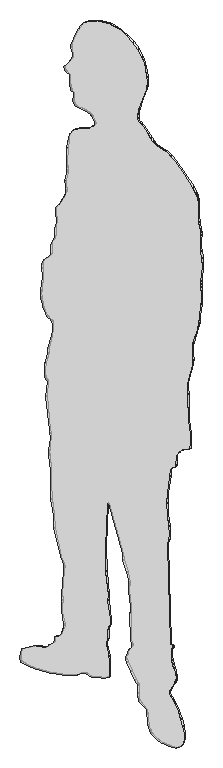
Revit family "Flat Man 22", category Entourage, Revit 2015
Parameters
  Flat Material [instance] = none
  Height = 0 mm
Reference planes
  plane 1 "Center (Front/Back)": y = 0
  plane 2: z = 0
  plane 3 "Center (Left/Right)": x = 0
Forms (mm)
  Extrusion 1, solid, material <- "Flat Material"
    sketch origin (0, 0, 0) x (1, 0, 0) y (0, 0, 1)
      loop
        line (191.841, 219.015) -> (190.855, 220.508) -> (189.344, 221.524) -> (185.786, 222.196) -> (177.334, 472.332) -> (180.715, 484.164) -> (181.87, 500.901) -> (181.098, 518.814) -> (177.334, 548.388) -> (174.93, 575.237) -> (176.015, 601.295) -> (184.095, 646.414) -> (185.786, 665.003) -> (186.441, 666.085) -> (187.227, 667.098) -> (189.11, 668.961) -> (193.584, 672.343) -> (197.961, 675.858) -> (198.894, 676.841) -> (199.724, 677.887) -> (200.431, 679.008) -> (200.995, 680.215) -> (202.687, 703.875) -> (205.426, 710.347) -> (207.069, 713.126) -> (208.881, 715.641) -> (212.966, 719.995) -> (217.596, 723.648) -> (239.868, 735.988) -> (241.524, 754.297) -> (241.04, 774.526) -> (236.487, 808.664) -> (234.796, 872.886) -> (232.926, 884.71) -> (232.404, 892.728) -> (232.558, 896.535) -> (233.107, 899.93) -> (246.631, 950.631) -> (247.994, 957.873) -> (248.452, 965.157) -> (247.801, 979.613) -> (246.987, 993.521) -> (247.239, 1000.12) -> (248.316, 1006.404) -> (261.84, 1046.968) -> (265.407, 1063.836) -> (267.338, 1080.533) -> (271.98, 1114.569) -> (273.16, 1121.931) -> (273.496, 1129.246) -> (272.649, 1143.73) -> (271.468, 1157.999) -> (271.385, 1165.047) -> (271.98, 1172.034) -> (274.841, 1211.27) -> (274.258, 1231.131) -> (271.98, 1248.087) -> (270.816, 1255.426) -> (270.379, 1262.705) -> (270.776, 1276.872) -> (271.353, 1290.168) -> (271.141, 1296.358) -> (270.292, 1302.172) -> (266.049, 1321.659) -> (264.218, 1332.316) -> (263.528, 1341.045) -> (264.146, 1360.426) -> (263.707, 1371.744) -> (262.995, 1376.976) -> (261.84, 1381.605) -> (259.955, 1385.975) -> (257.037, 1390.992) -> (248.6, 1402.522) -> (224.798, 1428.397) -> (198.391, 1452.003) -> (186.696, 1460.696) -> (181.662, 1463.869) -> (177.334, 1466.111) -> (172.875, 1467.779) -> (168.367, 1468.988) -> (159.318, 1470.717) -> (150.404, 1472.679) -> (146.066, 1474.178) -> (141.842, 1476.254) -> (138.545, 1478.394) -> (135.493, 1480.784) -> (129.956, 1486.146) -> (119.938, 1498.011) -> (114.771, 1503.836) -> (109.041, 1509.138) -> (105.858, 1511.486) -> (102.404, 1513.577) -> (98.639, 1515.367) -> (94.518, 1516.815) -> (93.349, 1524.818) -> (93.248, 1532.66) -> (94.061, 1540.363) -> (95.636, 1547.945) -> (106.484, 1577.469) -> (117.264, 1606.666) -> (118.801, 1614.064) -> (119.568, 1621.541) -> (119.413, 1629.117) -> (118.181, 1636.813) -> (113.878, 1660.755) -> (111.418, 1668.925) -> (108.165, 1676.212) -> (103.921, 1683.517) -> (92.742, 1697.778) -> (78.44, 1710.908) -> (61.572, 1722.101) -> (42.695, 1730.556) -> (32.678, 1733.505) -> (22.368, 1735.469) -> (11.835, 1736.347) -> (1.149, 1736.038) -> (-9.621, 1734.442) -> (-20.405, 1731.458) -> (-39.355, 1724.091) -> (-49.195, 1719.446) -> (-57.589, 1714.558) -> (-60.186, 1712.473) -> (-62.909, 1709.693) -> (-68.604, 1702.388) -> (-80.106, 1683.168) -> (-90.068, 1662.32) -> (-96.462, 1645.265) -> (-96.943, 1643.185) -> (-97.184, 1641.1) -> (-97.075, 1636.942) -> (-95.37, 1628.837) -> (-93.366, 1621.34) -> (-92.883, 1617.941) -> (-92.881, 1616.351) -> (-93.082, 1614.841) -> (-93.626, 1612.887) -> (-94.431, 1610.836) -> (-96.707, 1606.517) -> (-103.107, 1597.56) -> (-116.746, 1582.728) -> (-116.08, 1578.773) -> (-115.074, 1575.64) -> (-114.441, 1574.335) -> (-113.721, 1573.181) -> (-112.912, 1572.158) -> (-112.015, 1571.248) -> (-111.027, 1570.433) -> (-109.949, 1569.694) -> (-107.517, 1568.371) -> (-101.53, 1565.828) -> (-101.701, 1546.514) -> (-101.071, 1541.807) -> (-100.033, 1537.233) -> (-98.52, 1532.832) -> (-96.264, 1528.246) -> (-95.003, 1527.111) -> (-92.894, 1525.517) -> (-89.908, 1522.97) -> (-89.346, 1520.025) -> (-89.224, 1518.291) -> (-89.292, 1516.669) -> (-89.507, 1515.142) -> (-90.987, 1509.656) -> (-91.499, 1507.054) -> (-91.547, 1505.73) -> (-91.401, 1504.369) -> (-91.017, 1502.955) -> (-90.352, 1501.47) -> (-89.364, 1499.898) -> (-88.01, 1498.223) -> (-87.333, 1496.976) -> (-86.588, 1495.871) -> (-85.78, 1494.9) -> (-84.91, 1494.054) -> (-83.984, 1493.325) -> (-83.003, 1492.706) -> (-81.971, 1492.187) -> (-80.891, 1491.761) -> (-78.602, 1491.155) -> (-76.16, 1490.821) -> (-70.927, 1490.71) -> (-59.786, 1490.88) -> (-57.012, 1490.622) -> (-54.296, 1490.114) -> (-51.662, 1489.289) -> (-49.137, 1488.083) -> (-46.118, 1487.826) -> (-43.559, 1487.345) -> (-41.413, 1486.656) -> (-39.63, 1485.775) -> (-38.162, 1484.718) -> (-36.96, 1483.502) -> (-35.976, 1482.142) -> (-35.16, 1480.654) -> (-32.608, 1473.755) -> (-31.077, 1469.961) -> (-28.857, 1466.111) -> (-29.713, 1464.302) -> (-30.818, 1462.595) -> (-32.157, 1460.98) -> (-33.712, 1459.449) -> (-37.412, 1456.6) -> (-41.793, 1453.976) -> (-63.596, 1444.283) -> (-75.301, 1438.907) -> (-86.198, 1432.406) -> (-91.028, 1428.553) -> (-95.277, 1424.202) -> (-98.82, 1419.281) -> (-100.287, 1416.584) -> (-101.53, 1413.718) -> (-104.04, 1405.469) -> (-105.85, 1396.214) -> (-107.94, 1376.098) -> (-109.982, 1339.353) -> (-110.021, 1338.389) -> (-109.971, 1337.285) -> (-109.66, 1334.719) -> (-108.626, 1328.582) -> (-107.847, 1321.915) -> (-107.857, 1318.689) -> (-108.294, 1315.696) -> (-113.362, 1292.032) -> (-113.367, 1289.239) -> (-113.007, 1286.001) -> (-111.799, 1278.624) -> (-110.95, 1270.767) -> (-111.04, 1266.93) -> (-111.279, 1265.082) -> (-111.674, 1263.3) -> (-114.427, 1256.488) -> (-119.272, 1246.522) -> (-128.574, 1229.499) -> (-129.799, 1227.859) -> (-131.372, 1226.087) -> (-135.014, 1222.263) -> (-138.394, 1218.253) -> (-139.64, 1216.25) -> (-140.092, 1215.262) -> (-140.406, 1214.287) -> (-140.769, 1212.389) -> (-140.965, 1210.365) -> (-140.947, 1206.005) -> (-139.894, 1196.555) -> (-138.674, 1187.098) -> (-138.448, 1182.729) -> (-138.714, 1178.794) -> (-140.517, 1171.634) -> (-141.527, 1167.521) -> (-142.094, 1163.582) -> (-142.094, 1141.613) -> (-143.174, 1138.867) -> (-144.601, 1136.031) -> (-148.032, 1130.146) -> (-151.452, 1124.08) -> (-152.866, 1121.015) -> (-153.926, 1117.95) -> (-153.926, 1092.601) -> (-154.929, 1090.491) -> (-156.133, 1088.531) -> (-159.028, 1084.971) -> (-165.936, 1078.634) -> (-172.754, 1072.098) -> (-175.537, 1068.288) -> (-176.668, 1066.166) -> (-178.264, 1062.174) -> (-178.501, 1061.278) -> (-178.886, 1057.617) -> (-178.603, 1048.169) -> (-177.587, 1028.376) -> (-181.99, 990.351) -> (-182.535, 980.963) -> (-182.202, 972.16) -> (-181.603, 968.063) -> (-180.662, 964.213) -> (-179.337, 960.645) -> (-177.587, 957.391) -> (-177.388, 954.448) -> (-176.88, 951.543) -> (-176.088, 948.691) -> (-175.035, 945.908) -> (-172.238, 940.61) -> (-168.678, 935.776) -> (-164.541, 931.532) -> (-160.015, 928.002) -> (-155.288, 925.313) -> (-152.907, 924.323) -> (-150.546, 923.59) -> (-149.831, 913.06) -> (-150.034, 903.344) -> (-152.613, 885.552) -> (-162.378, 850.917) -> (-162.378, 837.397) -> (-170.288, 809.071) -> (-172.592, 790.739) -> (-172.357, 782.247) -> (-171.771, 778.385) -> (-170.685, 774.331) -> (-169.513, 772.791) -> (-167.442, 770.637) -> (-165.372, 768.483) -> (-164.04, 766.722) -> (-167.447, 727.539) -> (-157.306, 644.722) -> (-155.889, 636.412) -> (-155.668, 627.768) -> (-157.353, 610.186) -> (-159.438, 593.394) -> (-159.716, 585.737) -> (-159.505, 582.171) -> (-158.998, 578.809) -> (-155.047, 544.061) -> (-154.366, 507.383) -> (-153.042, 469.659) -> (-147.163, 431.771) -> (-145.474, 399.658) -> (-126.882, 333.745) -> (-121.395, 322.92) -> (-118.606, 317.238) -> (-117.515, 314.459) -> (-116.746, 311.773) -> (-118.434, 301.633) -> (-123.506, 239.1) -> (-121.814, 225.58) -> (-123.728, 209.677) -> (-123.2, 195.68) -> (-120.711, 182.267) -> (-116.304, 166.541) -> (-116.874, 162.266) -> (-119.591, 152.688) -> (-123.419, 142.796) -> (-125.289, 138.798) -> (-126.882, 136.002) -> (-127.584, 135.077) -> (-128.359, 134.244) -> (-130.095, 132.808) -> (-134.069, 130.538) -> (-138.253, 128.465) -> (-140.251, 127.275) -> (-142.094, 125.862) -> (-142.837, 125.101) -> (-143.402, 124.313) -> (-143.813, 123.5) -> (-144.092, 122.661) -> (-144.262, 121.796) -> (-144.346, 120.906) -> (-144.347, 119.051) -> (-144.321, 115.044) -> (-144.659, 112.894) -> (-144.996, 111.784) -> (-145.474, 110.65) -> (-160.687, 98.822) -> (-162.378, 93.75) -> (-164.365, 92.44) -> (-166.486, 91.303) -> (-171.067, 89.462) -> (-181.129, 86.942) -> (-191.534, 84.867) -> (-196.542, 83.584) -> (-201.247, 81.918) -> (-236.74, 61.637) -> (-240.124, 48.605) -> (-241.503, 42.239) -> (-241.831, 39.751) -> (-241.87, 38.763) -> (-241.812, 37.977) -> (-241.083, 34.633) -> (-240.297, 32.569) -> (-238.432, 27.837) -> (-218.02, 24.523) -> (-197.815, 23.42) -> (-158.534, 26.644) -> (-121.596, 35.112) -> (-88.01, 46.425) -> (-84.156, 48.183) -> (-80.21, 50.448) -> (-72.134, 55.687) -> (-63.968, 60.522) -> (-59.911, 62.28) -> (-57.898, 62.906) -> (-55.901, 63.329) -> (-54.861, 63.413) -> (-53.815, 63.351) -> (-51.683, 62.883) -> (-47.116, 61.204) -> (-44.599, 60.356) -> (-41.871, 59.743) -> (-40.415, 59.581) -> (-38.892, 59.547) -> (-37.295, 59.662) -> (-35.62, 59.949) -> (-10.213, 67.023) -> (1.219, 71.538) -> (11.704, 76.85) -> (11.674, 105.736) -> (11.716, 121.423) -> (11.166, 128.942) -> (10.012, 136.002) -> (5.91, 149.353) -> (3.891, 156.385) -> (3.335, 159.236) -> (3.227, 160.4) -> (3.262, 161.719) -> (4.067, 163.49) -> (5.677, 166.42) -> (7.342, 169.352) -> (8.324, 171.276) -> (8.324, 196.847) -> (9.306, 199.63) -> (10.606, 202.48) -> (13.442, 208.587) -> (14.624, 211.948) -> (15.41, 215.584) -> (15.623, 219.547) -> (15.458, 221.667) -> (15.084, 223.888) -> (8.324, 271.209) -> (10.012, 283.041) -> (2.276, 341.383) -> (0.689, 400.711) -> (6.632, 516.276) -> (10.012, 516.276) -> (48.885, 403.039) -> (50.577, 387.826) -> (62.24, 360.29) -> (66.79, 345.327) -> (67.757, 338.364) -> (67.791, 335.114) -> (67.477, 332.057) -> (66.651, 323.126) -> (66.854, 313.667) -> (69.001, 294.136) -> (71.232, 275.396) -> (71.538, 266.927) -> (70.857, 259.38) -> (72.549, 191.775) -> (74.428, 185.923) -> (75.532, 182.208) -> (75.99, 180.226) -> (75.687, 178.823) -> (75.321, 177.734) -> (74.275, 175.641) -> (71.369, 171.748) -> (68.207, 168.151) -> (66.841, 166.427) -> (65.785, 164.735) -> (64.495, 161.844) -> (63.545, 159.06) -> (62.121, 153.803) -> (61.373, 151.324) -> (60.417, 148.941) -> (59.118, 146.652) -> (57.337, 144.454) -> (57.494, 143.49) -> (57.804, 142.334) -> (58.848, 139.503) -> (62.373, 132.14) -> (73.108, 113.607) -> (84.83, 95.708) -> (89.589, 89.14) -> (92.829, 85.301) -> (92.452, 63.943) -> (93.359, 53.966) -> (94.484, 49.799) -> (95.265, 48.002) -> (96.209, 46.425) -> (114.801, 32.905) -> (116.351, 29.666) -> (117.528, 26.369) -> (118.992, 19.645) -> (119.946, 6.002) -> (121.286, -7.288) -> (122.105, -10.469) -> (123.232, -13.57) -> (124.723, -16.58) -> (126.633, -19.488) -> (128.303, -21.787) -> (130.219, -23.958) -> (134.722, -27.906) -> (140.011, -31.318) -> (145.952, -34.183) -> (152.411, -36.487) -> (159.256, -38.217) -> (173.568, -39.907) -> (180.769, -39.841) -> (187.823, -39.15) -> (194.596, -37.822) -> (200.955, -35.844) -> (206.767, -33.203) -> (211.899, -29.886) -> (214.167, -27.971) -> (216.216, -25.882) -> (218.028, -23.617) -> (219.587, -21.176) -> (221.143, -18.041) -> (222.389, -14.728) -> (224.009, -7.63) -> (224.553, 0) -> (224.128, 8.044) -> (220.799, 24.899) -> (214.879, 41.988) -> (207.224, 58.365) -> (198.689, 73.082) -> (190.132, 85.192) -> (182.406, 93.75) -> (182.982, 97.412) -> (183.932, 100.975) -> (186.701, 107.869) -> (193.939, 121.181) -> (197.392, 127.858) -> (200.058, 134.721) -> (200.936, 138.263) -> (201.428, 141.899) -> (201.468, 145.647) -> (200.995, 149.523) -> (199.987, 153.648) -> (198.654, 157.55) -> (195.394, 165.067) -> (191.976, 172.84) -> (189.163, 181.635) -> (187.541, 190.818) -> (187.051, 200.751) -> (187.471, 205.418) -> (187.89, 207.575) -> (188.463, 209.576) -> (189.203, 211.392) -> (190.121, 212.993) -> (190.651, 213.704) -> (191.231, 214.351) -> (191.861, 214.929) -> (192.543, 215.436) -> (191.841, 219.015)
    from -2.5 to 2.5
Lines and regions (mm)
  model lines
    curve 1: line (-150, 0, 0) -> (150, 0, 0)
    curve 2: line (0, -150, 0) -> (0, 150, 0)
Dimensions and locks
  aligned and locked: level to plane 2
